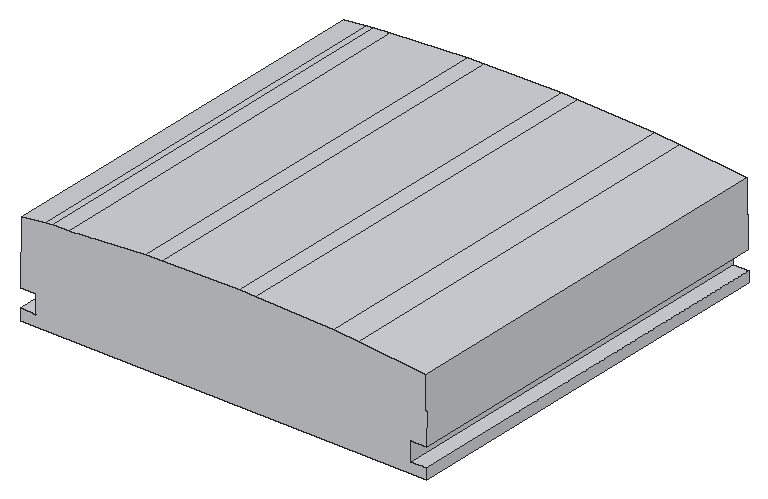
Revit family "2CKA006430A0403", category Electrical Fixtures, host Face, Revit 2014
Parameters
  Default Elevation = 1219.2 mm
Reference planes
  plane 1 "Center (Front/Back)": y = 0
  plane 2: z = 0
  plane 3 "Center (Left/Right)": x = 0
Forms (mm)
  Extrusion 1, solid, detail levels fine
    sketch origin (37.798, 0, -28.003) x (1, 0, 0) y (0, 0, 1)
      loop
        line (-65.36, 36.757) -> (-65.513, 28.003) -> (-63.408, 28.003) -> (-63.408, 25.503) -> (-65.557, 25.503) -> (-65.583, 24.003) -> (-10.013, 24.003) -> (-10.013, 25.503) -> (-12.113, 25.503) -> (-12.113, 28.003) -> (-10.013, 28.003) -> (-10.167, 36.781) -> (-19.335, 37.587) -> (-22.742, 37.849) -> (-33.364, 38.215) -> (-35.565, 38.291) -> (-46.191, 38.112) -> (-48.394, 38.075) -> (-59, 37.35) -> (-61.198, 37.2) -> (-62.155, 37.127) -> (-65.36, 36.757)
    from 27.5 to -27.5
  Extrusion 2, solid, detail levels medium+fine
    sketch origin (0, 0, -4) x (1, 0, 0) y (0, 1, 0)
      loop
        circle (0, 0) r 5
    from 0 to -2
  Extrusion 3, solid, detail levels medium+fine
    sketch origin (0, 0, 0) x (1, 0, 0) y (0, 1, 0)
      loop
        circle (0, -3) r 1
    from -6 to -13
  Extrusion 4, solid, detail levels medium+fine
    sketch origin (0, 0, 0) x (-0.5, 0.866025, 0) y (-0.866025, -0.5, 0)
      loop
        circle (0, -3) r 1
    from -6 to -13
  Extrusion 5, solid, detail levels medium+fine
    sketch origin (0, 0, 0) x (-0.5, -0.866025, 0) y (0.866025, -0.5, 0)
      loop
        circle (0, -3) r 1
    from -6 to -13
  Extrusion 6, solid, detail levels medium
    sketch origin (0, 0, 0) x (1, 0, 0) y (0, 0, 1)
      loop
        line (27.785, -4) -> (27.785, 8.738)
        arc (27.785, 8.738) -> (-0.008, 10.268) -> (-27.8, 8.728) r 252.407
        line (-27.8, 8.728) -> (-27.8, -4) -> (27.785, -4)
    from -27.5 to 27.5
  Extrusion 7, solid, detail levels coarse
    sketch origin (0, 0, 0) x (1, 0, 0) y (0, 1, 0)
      loop
        line (-27.8, 27.5) -> (-27.8, -27.5) -> (27.785, -27.5) -> (27.785, 27.5) -> (-27.8, 27.5)
    from -13 to 10.268
Dimensions and locks
  aligned and locked: plane 2 to host face
  aligned and locked: level to host face
Connectors
  electrical at (0, 0, -6)
    settings: on Extrusion 2, index 1, voltage 220 V, apparent load 0 VA, apparent load phase1 0 VA, apparent load phase2 0 VA, apparent load phase3 0 VA, power factor 1, load classification "Other", number of poles 1, system type 30, power factor state 1, is connector primary yes, connector utility no, sub classification motor no, connector description ""
